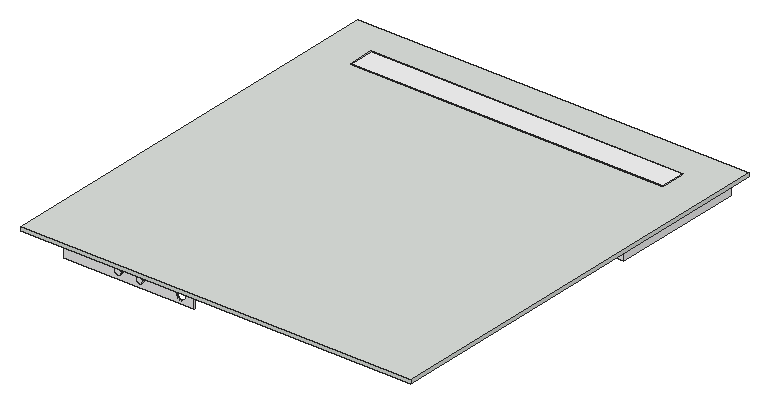
Revit family "Furniture-Lighted_Mirror-KOHLER-Forefront-K-23265IN_1", category Lighting Fixtures, host Face, Revit 2022
Family settings
  Host = Face
  Round Connector Dimension = Use Diameter
  Part Type = Normal
  OmniClass Number = 23.21.37.13.15
  OmniClass Title = Mirrors
  Cut with Voids When Loaded = No
  Light Source = Yes
  Maintain Annotation Orientation = No
  Shared = No
  Room Calculation Point = No
Parameters (values of type "NA-Anodized Aluminium")
  Width = 23 159/256"  # constant formula
  Wattage Comments = "170-250VAC"  # constant formula
  Wattage = 8.75174 W
  WaterSense Certified = 1 = 0  # no
  built-in parameter 1150110 = 1 (stored number, unit not read)
  Voltage = 12 V  # constant formula
  URL = "https://www.kohler.co.in/"
  Type = 1
  built-in parameter 1114217 = 1 (stored number, unit not read)
  built-in parameter 1150109 = 1 (stored number, unit not read)
  built-in parameter 1150134 = 12
  built-in parameter 1150113 = 1 (stored number, unit not read)
  Product Page URL = "https://www.kohler.co.in/product-detail/23265in?skuid=K-23265IN-NA"
  Product Name = "Forefront"  # constant formula
  Product Documentation Link = ""
  Model = "K-23265IN-NA"  # constant formula
  Material = "Anodized Aluminium Construction"  # constant formula
  Master Format 2014 Name = "Storage Cabinets"  # constant formula
  Master Format 2014 = "41 53 13"  # constant formula
  Manufacturer Address = "Ambience Office Tower NH-8 Gurgaon / Gurugram Haryana , 122001"  # constant formula
  Manufacturer = "Kohler Co."  # constant formula
  built-in parameter 1150105 = 413.8 (stored number, unit not read)
  Lumens = 1300 lm
  built-in parameter 1150115 = 1 (stored number, unit not read)
  Light Source Symbol Size = 4"  # constant formula
  built-in parameter 1150137 = (empty or 0)
  built-in parameter 1150139 = (empty or 0)
  Length = 1 23/128"  # constant formula
  built-in parameter 1150112 = 1 (stored number, unit not read)
  built-in parameter 1150114 = 1 (stored number, unit not read)
  Lamp = "LED"  # constant formula
  built-in parameter 1150132 = 2
  built-in parameter 1150102 = (empty or 0)
  built-in parameter 1150107 = 4000 (stored number, unit not read)
  built-in parameter 1150138 = (empty or 0)
  built-in parameter 1150106 = 4.138 (stored number, unit not read)
  Height = 25.59055"  # constant formula
  Finish = Kohler-Metal-NA-Anodized_Aluminum
  Environmental Product Declaration = ""
  Emit from Line Length = 24"
  Electrical Note = "One Dedicated Circuit Required"  # constant formula
  Electrical Connector = 1 = 1  # yes
  built-in parameter 1150104 = 13.8 (stored number, unit not read)
  Dimming Lamp Color Temperature Shift = Incandescent Lamp Curve
  Description = "Time Mirror 600mm"  # constant formula
  Default Elevation = 60"
  Declare Label = ""
  Date Modified = "05/05/2022"  # constant formula
  Date Created = "05/05/2022"  # constant formula
  Copyright = "Copyright Kohler Co."  # constant formula
  Contact Us = "https://www.kohler.co.in/contact-us"
  Color Filter = 16777215
  built-in parameter 1114218 = 1 (stored number, unit not read)
  built-in parameter 1150133 = 10 (stored number, unit not read)
  Assembly Code = "D5020200"
  Apparent Load = 250 VA  # constant formula
  ADA Compliant = 1 = 0  # no
Reference planes (in)
  plane 1 "Center (Front/Back)": y = 0
  plane 2: z = 0
  plane 3 "Center (Left/Right)": x = 0
  plane 4: x = -11.81102
  plane 5: x = -11.81102
  plane 6: x = -9.44882
  plane 7: y = 12.79528
  plane 8: y = 10.82677
  plane 9: y = 9.25197
  plane 10: y = -12.79528
  plane 11: y = -9.23622
  plane 12: y = -9.23622
  plane 13: x = 11.81102
  plane 14: x = 11.81007
  plane 15: x = 9.44882
  plane 16: z = 1.17969
  plane 17: z = 1.06544
  plane 18: z = 0.98425
  plane 19: z = 0.35827
  plane 20: x = -5.68898
  plane 21: x = -5.68898
  plane 22: y = 10.03937
Dimensions and locks (in)
  "Width": plane 5 to plane 14
  "Length": plane 16 to level
  "Height": plane 10 to plane 7
  aligned and locked: plane 2 to host face
  aligned and locked: level to host face
Automatic sketch dimensions
  host sketch curve to host sketch curve = 96"  (x2)
Nested families (in)
  nested 1: "K-23265IN" at (0, 0, 0), type "K-23265IN"
Connectors (in)
  electrical at (-5.68898, -9.23622, 0), driven by "Voltage", driven by "Apparent Load", driven by "Electrical Connector", driven by "Electrical Note"
    settings: on nested 1, index 1, voltage 12 V, apparent load 250 VA, apparent load phase1 0 VA, apparent load phase2 0 VA, apparent load phase3 0 VA, power factor 1, load classification "Lighting", number of poles 1, system type 30, power factor state 1, is connector primary yes, connector utility yes, sub classification motor no, connector description "One Dedicated Circuit Required"
  electrical at (-5.68898, -9.23622, 0), driven by "Voltage", driven by "Apparent Load", driven by "Electrical Connector", driven by "Electrical Note"
    settings: on nested 1, index 2, voltage 12 V, apparent load 250 VA, apparent load phase1 0 VA, apparent load phase2 0 VA, apparent load phase3 0 VA, power factor 1, load classification "Lighting", number of poles 1, system type 30, power factor state 1, is connector primary no, connector utility yes, sub classification motor no, connector description "One Dedicated Circuit Required"
Definition of nested family "K-23265IN"
  Parameters (values of type "K-23265IN")
    Wattage Comments = "170-250VAC"
    Material = none
    Lamp = "LED"
    Default Elevation = 0"
    Apparent Load = 250 VA
  Reference planes (in)
    plane 1 "Center (Front/Back)": y = 0
    plane 2: z = 0
    plane 3 "Center (Left/Right)": x = 0
    plane 4: x = -11.81102
    plane 5: x = 11.81102
    plane 6: y = 12.79528
    plane 7: y = -12.79528
    plane 8: x = -9.44882
    plane 9: x = 9.44882
    plane 10: x = 9.44882
    plane 11: y = 10.82677
    plane 12: y = 9.25197
    plane 13: z = 1.1811
    plane 14: z = 0.98425
    plane 15: z = 0.35827
    plane 16: y = -9.23622
    plane 17: x = -5.68898
    plane 18: z = 1.06544
    plane 19: y = 10.03937
  Forms (in)
    Extrusion 1, solid
      sketch origin (0, 0, 0) x (1, 0, 0) y (0, 1, 0)
        loop
          line (-11.81102, 12.79528) -> (-11.81102, -12.79528) -> (11.81102, -12.79528) -> (11.81102, 12.79528) -> (-11.81102, 12.79528)
      from 0.98425 to 1.1811
    Extrusion 2, void
      sketch origin (0, 0, 0) x (1, 0, 0) y (0, 1, 0)
        loop
          line (-9.44882, 10.82677) -> (-9.44882, 9.25197) -> (9.44882, 9.25197) -> (9.44882, 10.82677) -> (-9.44882, 10.82677)
      from 1.01288 to 1.55245
    Extrusion 3, solid
      sketch origin (0, 0, 0) x (1, 0, 0) y (0, 1, 0)
        loop
          line (9.44882, 10.82677) -> (-9.44882, 10.82677) -> (-9.44882, 9.25197) -> (9.44882, 9.25197) -> (9.44882, 10.82677)
      from 1.12675 to 1.1811
    Extrusion 4, solid, material <- "Material", detail levels medium+fine
      sketch origin (0, 0, 0) x (1, 0, 0) y (0, 0, 1)
        loop
          line (-11.22047, 0.98425) -> (-11.22047, 0) -> (-10.23622, 0) -> (-10.23622, 0.98425) -> (-11.22047, 0.98425)
        loop
          line (11.22047, 0.98425) -> (10.23622, 0.98425) -> (10.23622, 0) -> (11.22047, 0) -> (11.22047, 0.98425)
      from -12.20472 to -4.09449
    Extrusion 5, void
      sketch origin (0, 0, 0) x (1, 0, 0) y (0, 1, 0)
        loop
          arc (-10.84646, 8.55103) -> (-10.93292, 8.46457) -> (-10.96457, 8.34646) r 0.23622
          arc (-10.96457, 8.34646) -> (-10.72835, 8.11024) -> (-10.49213, 8.34646) r 0.23622
          arc (-10.49213, 8.34646) -> (-10.52377, 8.46457) -> (-10.61024, 8.55103) r 0.23622
          line (-10.61024, 8.55103) -> (-10.61024, 8.85827)
          arc (-10.61024, 8.85827) -> (-10.72835, 8.97638) -> (-10.84646, 8.85827) r 0.11811
          line (-10.84646, 8.85827) -> (-10.84646, 8.55103)
        loop
          line (10.84646, 8.55103) -> (10.84646, 8.85827)
          arc (10.84646, 8.85827) -> (10.72835, 8.97638) -> (10.61024, 8.85827) r 0.11811
          line (10.61024, 8.85827) -> (10.61024, 8.55103)
          arc (10.61024, 8.55103) -> (10.52377, 8.46457) -> (10.49213, 8.34646) r 0.23622
          arc (10.49213, 8.34646) -> (10.72835, 8.11024) -> (10.96457, 8.34646) r 0.23622
          arc (10.96457, 8.34646) -> (10.93292, 8.46457) -> (10.84646, 8.55103) r 0.23622
      from 0 to 0.10156
    Extrusion 6, solid, material <- "Material", detail levels medium+fine
      sketch origin (0, 0, 0) x (0, 1, 0) y (0, 0, 1)
        loop
          line (6.22047, 0.98425) -> (6.22047, 0.26984)
          arc (6.22047, 0.26984) -> (6.29951, 0.07903) -> (6.49031, 0) r 0.26984
          line (6.49031, 0) -> (10.58094, 0)
          arc (10.58094, 0) -> (10.72461, 0.04188) -> (10.82328, 0.15439) r 0.2674
          line (10.82328, 0.15439) -> (11.21025, 0.98425) -> (6.22047, 0.98425)
      from -9.84252 to 9.84252
    Extrusion 7, solid, material <- "Material"
      sketch origin (0, 0, 0) x (1, 0, 0) y (0, 1, 0)
        loop
          line (9.84252, 5.35433) -> (-9.84252, 5.35433) -> (-9.84252, -7.24409) -> (9.84252, -7.24409) -> (9.84252, 5.35433)
      from 0.94488 to 0.98425
    Extrusion 8, solid, material <- "Material"
      sketch origin (0, 0, 0) x (1, 0, 0) y (0, 1, 0)
        loop
          line (-3.77953, -8.05512) -> (-7.59843, -8.05512) -> (-7.59843, -10.41732) -> (-3.77953, -10.41732) -> (-3.77953, -8.05512)
      from 0 to 0.98425
    Extrusion 9, solid, material <- "Material"
      sketch origin (0, 0, 0) x (1, 0, 0) y (0, 1, 0)
        loop
          line (-7.59843, -8.05512) -> (-8.18898, -8.05512) -> (-8.18898, -8.37008) -> (-7.91339, -8.37008)
          arc (-7.91339, -8.37008) -> (-7.83465, -8.44882) -> (-7.91339, -8.52756) r 0.07874
          line (-7.91339, -8.52756) -> (-8.18898, -8.52756) -> (-8.18898, -9.94488) -> (-7.91339, -9.94488)
          arc (-7.91339, -9.94488) -> (-7.83465, -10.02362) -> (-7.91339, -10.10236) r 0.07874
          line (-7.91339, -10.10236) -> (-8.18898, -10.10236) -> (-8.18898, -10.41732) -> (-7.59843, -10.41732) -> (-7.59843, -8.05512)
        loop
          line (-3.77953, -8.05512) -> (-3.77953, -10.41732) -> (-3.18898, -10.41732) -> (-3.18898, -10.10236) -> (-3.46457, -10.10236)
          arc (-3.46457, -10.10236) -> (-3.54331, -10.02362) -> (-3.46457, -9.94488) r 0.07874
          line (-3.46457, -9.94488) -> (-3.18898, -9.94488) -> (-3.18898, -8.52756) -> (-3.46457, -8.52756)
          arc (-3.46457, -8.52756) -> (-3.54331, -8.44882) -> (-3.46457, -8.37008) r 0.07874
          line (-3.46457, -8.37008) -> (-3.18898, -8.37008) -> (-3.18898, -8.05512) -> (-3.77953, -8.05512)
      from 0.59055 to 0.98425
    Extrusion 10, solid, material <- "Material"
      sketch origin (0, 0, 0) x (0, 1, 0) y (0, 0, 1)
        loop
          line (-11.22047, 0.94488) -> (-11.22047, 0.98425) -> (-12.20472, 0.98425) -> (-12.20472, 0) -> (-12.16535, 0) -> (-12.16535, 0.94488) -> (-11.22047, 0.94488)
      from -9.62598 to -1.75197
    Extrusion 11, void
      sketch origin (0, 0, 0) x (1, 0, 0) y (0, 0, 1)
        loop
          circle (-6.29921, 0.49213) r 0.19685
        loop
          circle (-5, 0.49213) r 0.19685
        loop
          circle (-2.53937, 0.49213) r 0.27559
      from 12.79528 to 11.55148
    Extrusion 12, solid, material <- "Material", detail levels coarse
      sketch origin (0, 0, 0) x (0, 1, 0) y (0, 0, 1)
        loop
          line (6.22047, 0.98425) -> (6.22047, 0) -> (11.21025, 0) -> (11.21025, 0.98425) -> (6.22047, 0.98425)
      from -9.84252 to 9.84252
    Extrusion 13, solid, material <- "Material", detail levels coarse
      sketch origin (0, 0, 0) x (1, 0, 0) y (0, 0, 1)
        loop
          line (10.23622, 0.98425) -> (10.23622, 0) -> (11.22047, 0) -> (11.22047, 0.98425) -> (10.23622, 0.98425)
        loop
          line (-10.23622, 0.98425) -> (-11.22047, 0.98425) -> (-11.22047, 0) -> (-10.23622, 0) -> (-10.23622, 0.98425)
      from -12.20472 to -4.09449
    Extrusion 14, solid, material <- "Material", detail levels medium+fine
      sketch origin (0, 0, 0) x (1, 0, 0) y (0, 1, 0)
        loop
          circle (-5.68898, -9.23622) r 0.19685
      from 0 to 0.10244
    Extrusion 15, solid, material <- "Material"
      sketch origin (0, 0, 0) x (1, 0, 0) y (0, 0, 1)
        loop
          circle (-6.29921, 0.49213) r 0.19685
        loop
          circle (-5, 0.49213) r 0.19685
      from 12.27634 to 12.16535
  Cuts and joins
    Extrusion 2 cuts Extrusion 1
    Extrusion 5 cuts Extrusion 4
    joined: Extrusion 8, Extrusion 9
    Extrusion 11 cuts Extrusion 10
  Lines and regions (in)
    Masking region 1
      outline origin (0, 0, 0) x (1, 0, 0) y (0, 1, 0)
        loop
          line (-11.81102, 12.79528) -> (-11.81102, -12.79528) -> (11.81102, -12.79528) -> (11.81102, 12.79528) -> (-11.81102, 12.79528)
    Masking region 2
      outline origin (0, 0, 0) x (0, 1, 0) y (0, 0, 1)
        loop
          line (12.79528, 0.98425) -> (12.79528, 1.1811) -> (-12.79528, 1.1811) -> (-12.79528, 0.98425) -> (-12.20472, 0.98425) -> (-12.20472, 0.68898) -> (-12.27634, 0.68898) -> (-12.27634, 0.29528) -> (-12.20472, 0.29528) -> (-12.20472, 0) -> (-12.16535, 0) -> (-12.16535, 0.94488) -> (-11.22047, 0.94488) -> (-11.22047, 0.98425) -> (-10.41732, 0.98425) -> (-10.41732, 0) -> (-8.05512, 0) -> (-8.05512, 0.98425) -> (-7.24409, 0.98425) -> (-7.24409, 0.94488) -> (4.09449, 0.94488) -> (4.09449, 0) -> (12.20472, 0) -> (12.20472, 0.98425) -> (12.79528, 0.98425)
    Masking region 3
      outline origin (0, 0, 0) x (1, 0, 0) y (0, 0, 1)
        loop
          line (11.81102, 1.1811) -> (-11.81102, 1.1811) -> (-11.81102, 0.98425) -> (-11.22047, 0.98425) -> (-11.22047, 0) -> (-10.23622, 0) -> (-10.23622, 0.98425) -> (-9.84252, 0.98425) -> (-9.84252, 0) -> (9.84252, 0) -> (9.84252, 0.98425) -> (10.23622, 0.98425) -> (10.23622, 0) -> (11.22047, 0) -> (11.22047, 0.98425) -> (11.81102, 0.98425) -> (11.81102, 1.1811)
    symbolic lines, detail levels medium+fine
      curve 1: line (9.44882, 10.82677, 0) -> (-9.44882, 10.82677, 0)
      curve 2: line (-9.44882, 9.25197, 0) -> (9.44882, 9.25197, 0)
      curve 3: line (-9.44882, 10.82677, 0) -> (-9.44882, 9.25197, 0)
      curve 4: line (9.44882, 9.25197, 0) -> (9.44882, 10.82677, 0)
      curve 5: line (0, 12.20472, 0.98425) -> (0, -10.41732, 0.98425)
      curve 6: line (0, -11.22047, 0.98425) -> (0, -12.20472, 0.98425)
      curve 7: line (0, 4.09449, 0.94488) -> (0, 4.09449, 0.98425)
      curve 8: line (0, -10.41732, 0.59055) -> (0, -8.05512, 0.59055)
      curve 9: line (0, -8.37008, 0.98425) -> (0, -8.37008, 0.59055)
      curve 10: line (0, -8.52756, 0.59055) -> (0, -8.52756, 0.98425)
      curve 11: line (0, -9.94488, 0.98425) -> (0, -9.94488, 0.59055)
      curve 12: line (0, -10.10236, 0.59055) -> (0, -10.10236, 0.98425)
      curve 13: line (11.22047, 0, 0.98425) -> (10.23622, 0, 0.98425)
      curve 14: line (9.84252, 0, 0.98425) -> (-9.84252, 0, 0.98425)
      curve 15: line (-10.23622, 0, 0.98425) -> (-11.22047, 0, 0.98425)
      curve 16: line (-9.44882, -10.38698, 0) -> (-8.89764, -10.38698, 0)
      curve 17: line (-9.44882, -11.19471, 0) -> (-9.44882, -10.38698, 0)
      curve 18: line (-8.89764, -11.19471, 0) -> (-9.44882, -11.19471, 0)
      curve 19: line (-9.37008, -11.11597, 0) -> (-9.37008, -10.81053, 0)
      curve 20: line (-9.37008, -10.46572, 0) -> (-8.97638, -10.46572, 0)
      curve 21: line (-8.97638, -11.11597, 0) -> (-9.37008, -11.11597, 0)
      curve 22: line (-8.97638, -10.46572, 0) -> (-8.97638, -10.77116, 0)
      curve 23: line (-9.37008, -10.77116, 0) -> (-8.97638, -10.77116, 0)
      curve 24: line (-9.37008, -10.81053, 0) -> (-8.97638, -10.81053, 0)
      curve 25: line (-9.37008, -10.77116, 0) -> (-9.37008, -10.46572, 0)
      curve 26: line (-8.97638, -10.81053, 0) -> (-8.97638, -11.11597, 0)
      curve 27: line (-8.89764, -10.38698, 0) -> (-8.89764, -11.19471, 0)
      curve 28: line (-8.75984, -10.38698, 0) -> (-8.20866, -10.38698, 0)
      curve 29: line (-8.75984, -11.19471, 0) -> (-8.75984, -10.38698, 0)
      curve 30: line (-8.20866, -11.19471, 0) -> (-8.75984, -11.19471, 0)
      curve 31: line (-8.6811, -11.11597, 0) -> (-8.6811, -10.81053, 0)
      curve 32: line (-8.6811, -10.46572, 0) -> (-8.2874, -10.46572, 0)
      curve 33: line (-8.2874, -11.11597, 0) -> (-8.6811, -11.11597, 0)
      curve 34: line (-8.2874, -10.46572, 0) -> (-8.2874, -10.77116, 0)
      curve 35: line (-8.6811, -10.77116, 0) -> (-8.2874, -10.77116, 0)
      curve 36: line (-8.6811, -10.81053, 0) -> (-8.2874, -10.81053, 0)
      curve 37: line (-8.6811, -10.77116, 0) -> (-8.6811, -10.46572, 0)
      curve 38: line (-8.2874, -10.81053, 0) -> (-8.2874, -11.11597, 0)
      curve 39: line (-8.20866, -10.38698, 0) -> (-8.20866, -11.19471, 0)
      curve 40: line (-6.58709, -10.38698, 0) -> (-7.13828, -10.38698, 0)
      curve 41: line (-6.58709, -11.19471, 0) -> (-6.58709, -10.38698, 0)
      curve 42: line (-7.13828, -11.19471, 0) -> (-6.58709, -11.19471, 0)
      curve 43: line (-6.66583, -11.11597, 0) -> (-6.66583, -10.81053, 0)
      curve 44: line (-6.66583, -10.46572, 0) -> (-7.05953, -10.46572, 0)
      curve 45: line (-7.05953, -11.11597, 0) -> (-6.66583, -11.11597, 0)
      curve 46: line (-7.05953, -10.46572, 0) -> (-7.05953, -10.77116, 0)
      curve 47: line (-6.66583, -10.77116, 0) -> (-7.05953, -10.77116, 0)
      curve 48: line (-6.66583, -10.81053, 0) -> (-7.05953, -10.81053, 0)
      curve 49: line (-6.66583, -10.77116, 0) -> (-6.66583, -10.46572, 0)
      curve 50: line (-7.05953, -10.81053, 0) -> (-7.05953, -11.11597, 0)
      curve 51: line (-7.13828, -10.38698, 0) -> (-7.13828, -11.19471, 0)
      curve 52: line (-7.27607, -10.38698, 0) -> (-7.82725, -10.38698, 0)
      curve 53: line (-7.27607, -11.19471, 0) -> (-7.27607, -10.38698, 0)
      curve 54: line (-7.82725, -11.19471, 0) -> (-7.27607, -11.19471, 0)
      curve 55: line (-7.35481, -11.11597, 0) -> (-7.35481, -10.81053, 0)
      curve 56: line (-7.35481, -10.46572, 0) -> (-7.74851, -10.46572, 0)
      curve 57: line (-7.74851, -11.11597, 0) -> (-7.35481, -11.11597, 0)
      curve 58: line (-7.74851, -10.46572, 0) -> (-7.74851, -10.77116, 0)
      curve 59: line (-7.35481, -10.77116, 0) -> (-7.74851, -10.77116, 0)
      curve 60: line (-7.35481, -10.81053, 0) -> (-7.74851, -10.81053, 0)
      curve 61: line (-7.35481, -10.77116, 0) -> (-7.35481, -10.46572, 0)
      curve 62: line (-7.74851, -10.81053, 0) -> (-7.74851, -11.11597, 0)
      curve 63: line (-7.82725, -10.38698, 0) -> (-7.82725, -11.19471, 0)
      curve 64: line (-8.0651, -10.63978, 0) -> (-7.97262, -10.63978, 0)
      curve 65: line (-8.0651, -10.69111, 0) -> (-8.0651, -10.63978, 0)
      curve 66: line (-7.97262, -10.69111, 0) -> (-8.0651, -10.69111, 0)
      curve 67: line (-7.97262, -10.63978, 0) -> (-7.97262, -10.69111, 0)
      curve 68: line (-8.08478, -10.6201, 0) -> (-7.95294, -10.6201, 0)
      curve 69: line (-7.95294, -10.6201, 0) -> (-7.95294, -10.7108, 0)
      curve 70: line (-7.95294, -10.7108, 0) -> (-8.08478, -10.7108, 0)
      curve 71: line (-8.08478, -10.7108, 0) -> (-8.08478, -10.6201, 0)
      curve 72: line (-8.0651, -10.94191, 0) -> (-7.97262, -10.94191, 0)
      curve 73: line (-8.0651, -10.89058, 0) -> (-8.0651, -10.94191, 0)
      curve 74: line (-7.97262, -10.89058, 0) -> (-8.0651, -10.89058, 0)
      curve 75: line (-7.97262, -10.94191, 0) -> (-7.97262, -10.89058, 0)
      curve 76: line (-8.08478, -10.9616, 0) -> (-7.95294, -10.9616, 0)
      curve 77: line (-7.95294, -10.9616, 0) -> (-7.95294, -10.8709, 0)
      curve 78: line (-7.95294, -10.8709, 0) -> (-8.08478, -10.8709, 0)
      curve 79: line (-8.08478, -10.8709, 0) -> (-8.08478, -10.9616, 0)
      curve 80: line (0, -12.20472, 0.29528) -> (0, -12.20472, 0.68898)
  Dimensions and locks (in)
    plane 7 to plane 6 = 25.59055"
    plane 4 to plane 5 = 23.62205"
    plane 4 to plane 8 = 2.3622"
    plane 12 to plane 11 = 1.5748"
    plane 13 to level = 1.1811"
    plane 13 to plane 15 = 0.82283"
    aligned and locked: plane 2 to level
    aligned and locked: Extrusion 13 sketch curve to cut or joined group of Extrusion 4, Extrusion 5
